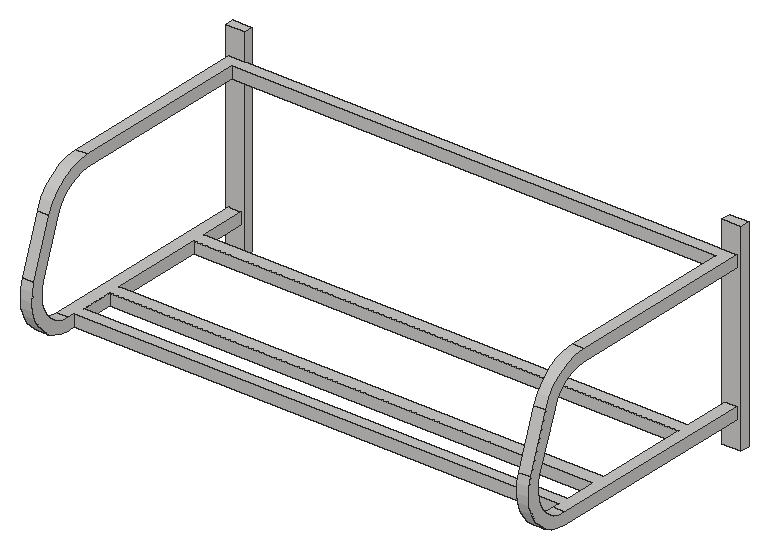
Revit family "QF_ELECTROLUXPROFESSIONAL_865420_BHWFMSS11", category Specialty Equipment, Revit 2018
Family settings
  Round Connector Dimension = Use Diameter
  Part Type = Normal
  Work Plane-Based = No
  Always vertical = Yes
  Cut with Voids When Loaded = No
  Shared = No
  Room Calculation Point = No
Parameters
  Weight = 0.00 kg
  Watts = 0 W
  Volts = 0 V
  URL Manufacturer = ""
  Steam Supply Size = 0 mm
  Steam Supply Minimum Pressure = 0.0 Pa
  Steam Supply Maximum Pressure = 0.0 Pa
  Steam Pounds per Hour = 0
  Refrigeration Suction Line Size = 0 mm
  Refrigeration Liquid Line Size = 0 mm
  Refrigerant Compressor Remote = yes
  Phase = 0
  Length Actual = 0 mm
  Item Number = ""
  Hot Water Size = 0 mm
  Height Actual = 0 mm
  HP = ""
  Gas Size = 0 mm
  Gas KW = 0
  Gas Input Pressure = 0 W
  Depth Actual = 0 mm
  Cycle = 0 Hz
  Condensate Return Size = 0 mm
  Compressed Air Volume = 0.0 L/s
  Compressed Air Size = 0 mm
  Compressed Air Pressure = 0.0 Pa
  Cold Water Size = 0 mm
  Accessory = yes
Reference planes
  plane 1: z = 0
  plane 2 "Center (Left/Right)": x = 0
  plane 3 "FRONT": y = -289
  plane 4 "LEFT": x = -550
  plane 5 "RIGHT": x = 550
  plane 6: z = 1071
  plane 7 "BACK": y = 289
  plane 8: z = 20
  plane 9: z = 1501
Forms (mm)
  Extrusion 1, solid, material "QF_Finishes_Stainless Steel"
    sketch origin (0, 0, 0) x (1, 0, 0) y (0, 0, 1)
      loop
        line (-550, 1501) -> (-550, 1071) -> (-510, 1071) -> (-510, 1501) -> (-550, 1501)
      loop
        line (550, 1501) -> (510, 1501) -> (510, 1071) -> (550, 1071) -> (550, 1501)
    from -289 to -269
  Sweep 2, solid, material "QF_Finishes_Stainless Steel"
    path origin (-530, 0, 0) x (0, 1, 0) y (0, 0, 1)
      loop
        line (269, 1444) -> (-139.647, 1444)
        arc (-139.647, 1444) -> (-202.741, 1424.107) -> (-243.013, 1371.622) r 110
        line (-243.013, 1371.622) -> (-283.239, 1261.103)
        arc (-283.239, 1261.103) -> (-271.042, 1170.924) -> (-190.274, 1129) r 98.763
        line (-190.274, 1129) -> (269, 1129)
    profile origin (-530, 64.676, 1444) x (0, 0, -1) y (1, 0, 0)
      loop
        line (0, 12.5) -> (0, -12.5) -> (25, -12.5) -> (25, 12.5) -> (0, 12.5)
  Extrusion 3, solid, material "QF_Finishes_Stainless Steel"
    sketch origin (0, 0, 0) x (1, 0, 0) y (0, 1, 0)
      loop
        line (-517.5, 269) -> (-517.5, 244) -> (517.5, 244) -> (517.5, 269) -> (-517.5, 269)
    from 1444 to 1419
  Sweep 4, solid, material "QF_Finishes_Stainless Steel"
    path origin (530, 0, 0) x (0, 1, 0) y (0, 0, -1)
      loop
        line (269, -1444) -> (-139.647, -1444)
        arc (-139.647, -1444) -> (-202.741, -1424.107) -> (-243.013, -1371.622) r 110
        line (-243.013, -1371.622) -> (-283.239, -1261.103)
        arc (-283.239, -1261.103) -> (-271.042, -1170.924) -> (-190.274, -1129) r 98.763
        line (-190.274, -1129) -> (269, -1129)
    profile origin (530, 64.676, 1444) x (0, 0, 1) y (-1, 0, 0)
      loop
        line (0, 12.5) -> (-25, 12.5) -> (-25, -12.5) -> (0, -12.5) -> (0, 12.5)
  Extrusion 5, solid, material "QF_Finishes_Stainless Steel"
    sketch origin (0, -100, -290) x (1, 0, 0) y (0, 1, 0)
      loop
        line (-517.5, 269) -> (-517.5, 244) -> (517.5, 244) -> (517.5, 269) -> (-517.5, 269)
    from 1444 to 1419
  Extrusion 6, solid, material "QF_Finishes_Stainless Steel"
    sketch origin (0, -326, -290) x (1, 0, 0) y (0, 1, 0)
      loop
        line (-517.5, 269) -> (-517.5, 244) -> (517.5, 244) -> (517.5, 269) -> (-517.5, 269)
    from 1444 to 1419
  Extrusion 7, solid, material "QF_Finishes_Stainless Steel"
    sketch origin (0, -421, -290) x (1, 0, 0) y (0, 1, 0)
      loop
        line (-517.5, 269) -> (-517.5, 244) -> (517.5, 244) -> (517.5, 269) -> (-517.5, 269)
    from 1444 to 1419
Cuts and joins
  joined: Extrusion 1, Sweep 2, Extrusion 3, Sweep 4, Extrusion 5, Extrusion 6, Extrusion 7
Lines and regions (mm)
  Masking region 1
    outline origin (0, 0, 0) x (1, 0, 0) y (0, 1, 0)
      loop
        line (-550, 289) -> (-550, 269) -> (-510, 269) -> (-510, 289) -> (-550, 289)
      loop
        line (510, 289) -> (510, 269) -> (550, 269) -> (550, 289) -> (510, 289)
  symbolic lines
    curve 1: line (-510, 269, 0) -> (-510, 289, 0)
    curve 2: line (-550, 289, 0) -> (-510, 289, 0)
    curve 3: line (-550, 289, 0) -> (-550, 269, 0)
    curve 4: line (-517.5, 244, 0) -> (517.5, 244, 0)
    curve 5: line (517.5, 244, 0) -> (517.5, -289, 0)
    curve 6: line (517.5, -289, 0) -> (542.5, -289, 0)
    curve 7: line (542.5, -289, 0) -> (542.5, 269, 0)
    curve 8: line (550, 289, 0) -> (510, 289, 0)
    curve 9: line (550, 269, 0) -> (-550, 269, 0)
    curve 10: line (-542.5, 269, 0) -> (-542.5, -289, 0)
    curve 11: line (-542.5, -289, 0) -> (-517.5, -289, 0)
    curve 12: line (-517.5, -289, 0) -> (-517.5, 244, 0)
    curve 13: line (-517.5, -177, 0) -> (517.5, -177, 0)
    curve 14: line (517.5, -152, 0) -> (-517.5, -152, 0)
    curve 15: line (-517.5, -82, 0) -> (517.5, -82, 0)
    curve 16: line (517.5, -57, 0) -> (-517.5, -57, 0)
    curve 17: line (-517.5, 144, 0) -> (517.5, 144, 0)
    curve 18: line (517.5, 169, 0) -> (-517.5, 169, 0)
    curve 19: line (510, 289, 0) -> (510, 269, 0)
    curve 20: line (-510, 289, 0) -> (-550, 289, 0)
    curve 21: line (550, 269, 0) -> (550, 289, 0)
Dimensions and locks
  equal spacing: plane 4 "LEFT", plane 2 "Center (Left/Right)", plane 5 "RIGHT"
  plane 7 "BACK" to plane 3 "FRONT" = 578 mm  (x2)
  plane 4 "LEFT" to plane 5 "RIGHT" = 1100 mm
  Extrusion 1 sketch curve to Extrusion 1 sketch curve to Extrusion 1 sketch curve = 1020 mm, 40 mm
  plane 9 to plane 6 = 430 mm
  aligned and locked: level to plane 1
  aligned and locked: Extrusion 1 sketch curve to plane 6
  aligned and locked: plane 7 "BACK" to Extrusion 1
Automatic sketch dimensions
  Extrusion 1 sketch curve to plane 4 "LEFT" = 0 mm
  Extrusion 1 sketch curve to plane 6 = 0 mm
  Extrusion 1 sketch curve to plane 9 = 0 mm  (x2)
  plane 3 "FRONT" to Sweep 2 sketch curve = 5.761 mm
  plane 3 "FRONT" to Sweep 2 sketch curve = 45.987 mm
  plane 3 "FRONT" to Sweep 2 sketch curve = 98.726 mm
  Sweep 2 sketch curve to Sweep 2 sketch curve = 103.366 mm
  Sweep 2 sketch curve to Sweep 2 sketch curve = 98.763 mm
  Sweep 2 sketch curve to Sweep 2 sketch curve = 110 mm
  Sweep 2 sketch curve to plane 7 "BACK" = 20 mm  (x2)
  Sweep 2 sketch curve to profile plane = 0 mm
  Sweep 2 sketch curve to profile plane = 25 mm
  Extrusion 3 sketch curve to plane 7 "BACK" = 45 mm
  Extrusion 3 sketch curve to plane 7 "BACK" = 20 mm
  plane 3 "FRONT" to Sweep 4 sketch curve = 5.761 mm
  plane 3 "FRONT" to Sweep 4 sketch curve = 45.987 mm
  plane 3 "FRONT" to Sweep 4 sketch curve = 98.726 mm
  Sweep 4 sketch curve to Sweep 4 sketch curve = 103.366 mm
  Sweep 4 sketch curve to Sweep 4 sketch curve = 110.519 mm
  Sweep 4 sketch curve to plane 7 "BACK" = 20 mm  (x2)
  Sweep 4 sketch curve to profile plane = 0 mm
  profile plane to Sweep 4 sketch curve = 25 mm
  Sweep 4 sketch curve to profile plane = 12.5 mm
  profile plane to Sweep 4 sketch curve = 12.5 mm
  Extrusion 5 sketch curve to Extrusion 5 sketch curve = 25 mm
  Extrusion 6 sketch curve to Extrusion 6 sketch curve = 25 mm
  plane 3 "FRONT" to Extrusion 7 sketch curve = 112 mm
  Extrusion 7 sketch curve to Extrusion 7 sketch curve = 25 mm
  Extrusion 3 sketch curve to plane 5 "RIGHT" = 32.5 mm
  Extrusion 5 sketch curve to plane 5 "RIGHT" = 32.5 mm
  Extrusion 6 sketch curve to plane 5 "RIGHT" = 32.5 mm
  Extrusion 7 sketch curve to plane 5 "RIGHT" = 32.5 mm
  Extrusion 1 sketch curve to plane 5 "RIGHT" = 0 mm
  Extrusion 5 sketch curve to plane 7 "BACK" = 145 mm
  plane 3 "FRONT" to Extrusion 6 sketch curve = 207 mm
  Sweep 4 sketch curve to Sweep 4 sketch curve = 72.378 mm
  Sweep 2 sketch curve to Sweep 2 sketch curve = 110.519 mm
  Sweep 4 sketch curve to Sweep 4 sketch curve = 33.34 mm
  plane 6 to Sweep 2 sketch curve = 58 mm
  Sweep 4 sketch curve to plane 9 = 57 mm
  Sweep 2 sketch curve to profile plane = 12.5 mm
  profile plane to Sweep 2 sketch curve = 12.5 mm
  plane 4 "LEFT" to Extrusion 3 sketch curve = 32.5 mm
  plane 4 "LEFT" to Extrusion 5 sketch curve = 32.5 mm
  plane 4 "LEFT" to Extrusion 6 sketch curve = 32.5 mm
  plane 4 "LEFT" to Extrusion 7 sketch curve = 32.5 mm
  curve 10 to plane 3 "FRONT" = 0 mm
  curve 1 to plane 7 "BACK" = 0 mm
  curve 7 to plane 3 "FRONT" = 0 mm
  curve 21 to plane 7 "BACK" = 0 mm
  curve 3 to plane 4 "LEFT" = 0 mm
  plane 4 "LEFT" to curve 11 = 7.5 mm
  curve 10 to curve 4 = 25 mm
  curve 10 to curve 1 = 32.5 mm
  curve 8 to plane 5 "RIGHT" = 40 mm
  curve 19 to curve 5 = 7.5 mm
  curve 5 to curve 7 = 25 mm
  curve 7 to curve 8 = 7.5 mm
  curve 11 to curve 13 = 112 mm
  curve 13 to curve 14 = 25 mm
  curve 14 to curve 15 = 70 mm
  curve 15 to curve 16 = 25 mm
  curve 17 to plane 7 "BACK" = 145 mm
  curve 17 to curve 18 = 25 mm
  curve 4 to plane 7 "BACK" = 45 mm
  curve 7 to plane 7 "BACK" = 20 mm
  Masking region 1 sketch curve to plane 4 "LEFT" = 0 mm
  Masking region 1 sketch curve to plane 7 "BACK" = 0 mm  (x2)
  Masking region 1 sketch curve to plane 5 "RIGHT" = 0 mm
  plane 4 "LEFT" to Masking region 1 sketch curve = 40 mm
  Masking region 1 sketch curve to Masking region 1 sketch curve = 40 mm
  Masking region 1 sketch curve to plane 7 "BACK" = 20 mm
  Masking region 1 sketch curve to Masking region 1 sketch curve = 20 mm
